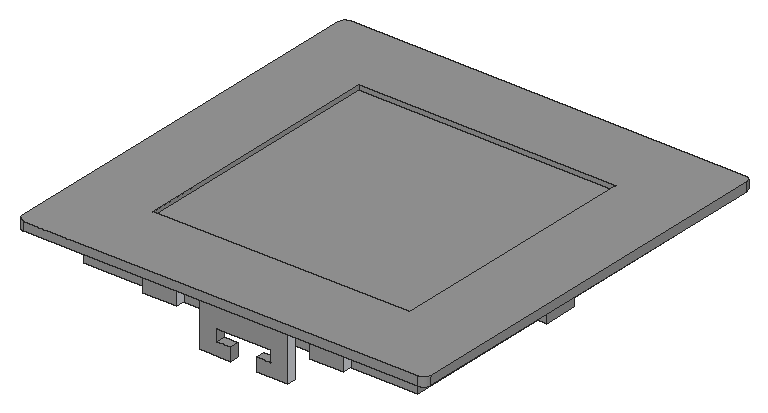
Revit family "Kanna 6W", category Lighting Fixtures, host Face, Revit 2019
Family settings
  Host = Face
  Round Connector Dimension = Use Diameter
  Part Type = Normal
  OmniClass Number = 23.80.70.11.11
  OmniClass Title = General Luminaries, Non Directional
  Cut with Voids When Loaded = No
  Light Source = Yes
  Shared = No
  Room Calculation Point = No
Parameters (values of type "Kanna 6W, Neutral White, 230V - 02WP993N006R")
  Wattage Comments = "6W"
  Wattage = 6 W
  built-in parameter 1150110 = 1 (stored number, unit not read)
  Voltage = 230 V
  URL = "www.winled.fi"
  Type Image = Kanna 6W.png
  built-in parameter 1114217 = 1 (stored number, unit not read)
  Tilt Angle = -90.00°
  built-in parameter 1150109 = 1 (stored number, unit not read)
  built-in parameter 1150134 = 12
  built-in parameter 1150113 = 1 (stored number, unit not read)
  Product Number = "02WP993N006R"
  Position Number = ""
  Photometric Web File = "Kanna 6W NV.ies"
  Operating Temperature Range = "-20° to +40°C"
  Model = "Kanna 6W"
  Manufacturer = "Winled Oy Ltd"
  built-in parameter 1150105 = 131.17 (stored number, unit not read)
  Lumens = 373.02 lm
  built-in parameter 1150115 = 1 (stored number, unit not read)
  Lumens Output = "373lm"
  built-in parameter 1150137 = (empty or 0)
  built-in parameter 1150139 = (empty or 0)
  Lifetime L70 = "50000h"
  Last Updated = "24.2.2016"
  built-in parameter 1150112 = 1 (stored number, unit not read)
  built-in parameter 1150114 = 1 (stored number, unit not read)
  Lamp = "LED"
  built-in parameter 1150132 = (empty or 0)
  built-in parameter 1150102 = (empty or 0)
  built-in parameter 1150107 = 4000 (stored number, unit not read)
  built-in parameter 1150138 = (empty or 0)
  built-in parameter 1150106 = 1.3117 (stored number, unit not read)
  IP Code = "IP44"
  Housing Material = "Aluminium"
  built-in parameter 1150104 = 5.7758 (stored number, unit not read)
  Driver = "Separate"
  Directivity = "No"
  Dimming Lamp Color Temperature Shift = <None>
  Dimmable = "Yes"
  Dimensions = "120mm x 120mm x 20mm"
  Description = "Downlight"
  Depth = "30mm"
  Default Elevation = 1219.2 mm
  Cutout = "108mm x 108mm"
  Color Temperature = "4000K"
  Color Filter = 16777215
  Casing Color = "White"
  CRI = "80"
  Beam Angle = "120°"
  built-in parameter 1114218 = 1 (stored number, unit not read)
  built-in parameter 1150133 = 10 (stored number, unit not read)
Types (5, lengths in mm): name | Voltage | built-in parameter 1150134 | Product Number | Photometric Web File | built-in parameter 1150105 | Lumens | Lumens Output | built-in parameter 1150107 | built-in parameter 1150106 | built-in parameter 1150104 | Color Temperature
  (no name) | 230 V | 12 | "02WP993N006R" | "Kanna 6W NV.ies" | 131.17 (stored number, unit not read) | 373.02 lm | "373lm" | 4000 (stored number, unit not read) | 1.3117 (stored number, unit not read) | 5.7758 (stored number, unit not read) | "4000K"
  Kanna 6W, Neutral White, 110V - 02XWP993N006R | 110 V | 12 | "02XWP993N006R" | "Kanna 6W NV.ies" | 131.17 (stored number, unit not read) | 373.02 lm | "373lm" | 4000 (stored number, unit not read) | 1.3117 (stored number, unit not read) | 5.7758 (stored number, unit not read) | "4000K"
  Kanna 6W, Warm White, 110V - 02XWP993L006R | 110 V | (empty or 0) | "02XWP993L006R" | "Kanna 6W LV.ies" | 26.103 (stored number, unit not read) | 328.02 lm | "328lm" | 3000 (stored number, unit not read) | 0.26103 (stored number, unit not read) | 5.079 (stored number, unit not read) | "3000K"
  Kanna 6W, Warm White, 230V - 02WP993L006R | 230 V | (empty or 0) | "02WP993L006R" | "Kanna 6W LV.ies" | 26.103 (stored number, unit not read) | 328.02 lm | "328lm" | 3000 (stored number, unit not read) | 0.26103 (stored number, unit not read) | 5.079 (stored number, unit not read) | "3000K"
  Kanna 6W, Neutral White, 230V - 02WP993N006R | 230 V | 12 | "02WP993N006R" | "Kanna 6W NV.ies" | 131.17 (stored number, unit not read) | 373.02 lm | "373lm" | 4000 (stored number, unit not read) | 1.3117 (stored number, unit not read) | 5.7758 (stored number, unit not read) | "4000K"
Reference planes
  plane 1 "Center (Front/Back)": y = 0
  plane 2: z = 0
  plane 3 "Center (Left/Right)": x = 0
Forms (mm)
  Extrusion 1, void
    sketch origin (0, 0, 0) x (1, 0, 0) y (0, 1, 0)
      loop
        line (54, 54) -> (-54, 54) -> (-54, -54) -> (54, -54) -> (54, 54)
    from 0 to -30
Lines and regions (mm)
  symbolic lines
    curve 1: line (60, 60, 0) -> (-60, 60, 0)
    curve 2: line (-60, 60, 0) -> (-60, -60, 0)
    curve 3: line (60, -60, 0) -> (-60, -60, 0)
    curve 4: line (60, -60, 0) -> (60, 60, 0)
    curve 5: line (60, 60, 0) -> (-60, -60, 0)
    curve 6: line (-60, 60, 0) -> (60, -60, 0)
Dimensions and locks
  aligned and locked: plane 2 to host face
  aligned and locked: level to host face
Nested families
  nested 1: "Kanna 6W" at (0, 0, 0), type "Kanna 6W"
Connectors
  electrical at (-0.028, 0.035, -10), driven by "Voltage"
    settings: on nested 1, index 1, voltage 230 V, apparent load 0 VA, apparent load phase1 6 VA, apparent load phase2 0 VA, apparent load phase3 0 VA, power factor 1, load classification "Lighting", number of poles 1, system type 31, power factor state 1, is connector primary yes, connector utility no, sub classification motor no, connector description ""
Definition of nested family "Kanna 6W"
  Reference planes
    plane 1 "Center (Front/Back)": y = 0
    plane 2: z = 0
    plane 3 "Center (Left/Right)": x = 0
  Forms (mm)
    Extrusion 1, solid
      sketch origin (0, 0, 0) x (1, 0, 0) y (0, 1, 0)
        loop
          line (57.879, 60) -> (-57.911, 60)
          arc (-57.911, 60) -> (-59.388, 59.388) -> (-60, 57.911) r 2.089
          line (-60, 57.911) -> (-60, -57.852)
          arc (-60, -57.852) -> (-59.371, -59.371) -> (-57.852, -60) r 2.148
          line (-57.852, -60) -> (57.885, -60)
          arc (57.885, -60) -> (59.381, -59.381) -> (60, -57.885) r 2.115
          line (60, -57.885) -> (60, 57.879)
          arc (60, 57.879) -> (59.379, 59.379) -> (57.879, 60) r 2.121
      from 0 to 2.5
    Extrusion 2, void
      sketch origin (0, 0, 0) x (1, 0, 0) y (0, 1, 0)
        loop
          line (-37.776, -37.786) -> (37.828, -37.786) -> (37.828, 37.819) -> (-37.776, 37.819) -> (-37.776, -37.786)
      from 1.2 to 2.5
    Extrusion 3, solid
      sketch origin (0, 0, 0) x (1, 0, 0) y (0, 1, 0)
        loop
          line (-49.028, 49.035) -> (-49.028, -48.965) -> (48.972, -48.965) -> (48.972, 49.035) -> (-49.028, 49.035)
      from 0 to -10
    Extrusion 4, solid, detail levels fine
      sketch origin (0, 0, 0) x (1, 0, 0) y (0, 1, 0)
        loop
          line (-19.565, 51.657) -> (-29.565, 51.657) -> (-29.565, 49.035) -> (-19.565, 49.035) -> (-19.565, 51.657)
        loop
          line (-29.565, -51.584) -> (-19.565, -51.584) -> (-19.565, -48.965) -> (-29.565, -48.965) -> (-29.565, -51.584)
        loop
          line (19.475, -51.584) -> (29.475, -51.584) -> (29.475, -48.965) -> (19.475, -48.965) -> (19.475, -51.584)
        loop
          line (19.475, 51.657) -> (19.475, 49.035) -> (29.475, 49.035) -> (29.475, 51.657) -> (19.475, 51.657)
        loop
          line (-51.628, 5.035) -> (-51.628, -4.965) -> (-49.028, -4.965) -> (-49.028, 5.035) -> (-51.628, 5.035)
        loop
          line (48.972, 5.035) -> (48.972, -4.965) -> (51.572, -4.965) -> (51.572, 5.035) -> (48.972, 5.035)
      from 0 to -10
    Extrusion 5, solid, detail levels medium+fine
      sketch origin (0, 0, 0) x (1, 0, 0) y (0, 1, 0)
        loop
          line (12.972, 51.535) -> (-13.019, 51.535) -> (-13.019, 49.035) -> (12.972, 49.035) -> (12.972, 51.535)
        loop
          line (12.972, -48.965) -> (-13.019, -48.965) -> (-13.019, -51.465) -> (12.972, -51.465) -> (12.972, -48.965)
      from 0 to -19
    Extrusion 6, void, detail levels fine
      sketch origin (0, 0, 0) x (1, 0, 0) y (0, 0, 1)
        loop
          line (-3.76, -19) -> (3.805, -19) -> (3.805, -15.194) -> (7.896, -15.194) -> (7.896, -11.821) -> (-7.876, -11.821) -> (-7.876, -15.194) -> (-3.76, -15.194) -> (-3.76, -19)
      from 51.584 to -51.657
    Extrusion 7, void, detail levels fine
      sketch origin (0, 0, 0) x (1, 0, 0) y (0, 1, 0)
        loop
          line (33, 33) -> (-33, 33) -> (-33, -33) -> (33, -33) -> (33, 33)
      from -8.7 to -10
  Cuts and joins
    Extrusion 2 cuts Extrusion 1
    Extrusion 6 cuts Extrusion 5
    Extrusion 7 cuts Extrusion 3
  Dimensions and locks
    aligned and locked: level to plane 2
